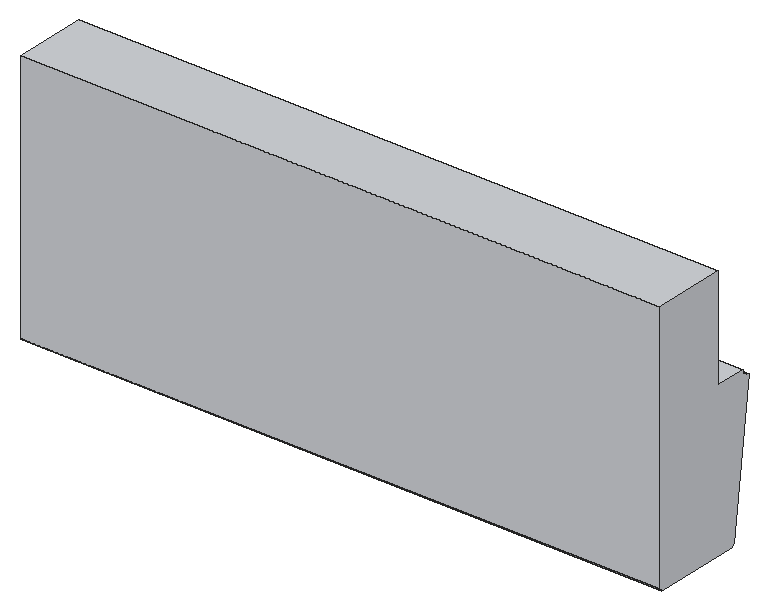
Revit family "KBE d=600_Precast-Console Beam_Spæncom", category Structural Framing, Revit 2014
Parameters (values of type "KBE 100/40")
  Structural Material [instance] = none
  Model = "KBE 100/40"
  Manufacturer = "Spæncom"
  Length [instance] = 3000 mm
  Height element = 1000 mm
  Height (bjælkekroppen) = 400 mm
  Width (bjælkekroppen) = 285 mm  # constant formula
  Height console = 600 mm  # constant formula
  Width console = 150 mm  # constant formula
  Base width = 360 mm  # constant formula
Types (10, lengths in mm): name | Model | Height (bjælkekroppen)
  (no name) | "KBE 100/40" | 400
  KBE 100/40 | "KBE 100/40" | 400
  KBE 110/50 | "KBE 110/50" | 500
  KBE 120/60 | "KBE 120/60" | 600
  KBE 78/18 | "KBE 78/18" | 180
  KBE 82/22 | "KBE 82/22" | 220
  KBE 87/27 | "KBE 87/27" | 270
  KBE 90/30 | "KBE 90/30" | 300
  KBE 92/32 | "KBE 92/32" | 320
  KBE 97/37 | "KBE 97/37" | 370
Reference planes
  plane 1 "Center (Front/Back)": y = 0
  plane 2 "Center Elevation": z = 0
  plane 3 "Center (Left/Right)": x = 0
  plane 4 "Left": x = -1500
  plane 5 "Member Left": x = -1250
  plane 6 "Stick Symbol Left": x = -1000
  plane 7 "Right": x = 1500
  plane 8 "Member Right": x = 1250
  plane 9 "Stick Symbol Right": x = 1000
  plane 10: through (0, 251.875, 575) normal (0, -0.9923, 0.124)
  plane 11: z = 600
  plane 12: through (0, 251.875, 575) normal (0, -0.9923, 0.124)
  plane 13: z = 600
Forms (mm)
  Extrusion 1, solid, material <- "Structural Material"
    sketch origin (-1500, 0, 0) x (0, -1, 0) y (0, 0, 1)
      loop
        line (180, 1000) -> (-105, 1000) -> (-105, 600) -> (-225, 600) -> (-225, 590) -> (-251.875, 575) -> (-181.239, 9.912) -> (-170, 0) -> (170, 0) -> (180, 10) -> (180, 1000)
    from -2750 to -250
Dimensions and locks
  equal spacing: plane 4 "Left", plane 3 "Center (Left/Right)", plane 7 "Right"
  "Length": plane 4 "Left" to plane 7 "Right"
  "Height console": plane 11 to plane 2 "Center Elevation"
  "Height (bjælkekroppen)": plane 11 to Extrusion 1
  "Width (bjælkekroppen)": Extrusion 1 to Extrusion 1
  "Base width": plane 10 to Extrusion 1
  "Width console": plane 11 to Extrusion 1
  "Height element": Extrusion 1 to level
  "Width console": plane 11 to Extrusion 1 sketch curve
  locked: plane 11 to Extrusion 1 sketch curve at 30
  aligned and locked: level to plane 2 "Center Elevation"
  aligned and locked: Extrusion 1 to plane 8 "Member Right"
  aligned and locked: plane 5 "Member Left" to Extrusion 1
  aligned and locked: Extrusion 1 to plane 10
  aligned and locked: Extrusion 1 to plane 11
  aligned and locked: Extrusion 1 to level
  aligned and locked: Extrusion 1 sketch curve to plane 10
  aligned and locked: Extrusion 1 sketch curve to plane 11
  aligned and locked: Extrusion 1 sketch curve to level
Automatic sketch dimensions
  Extrusion 1 sketch curve to plane 1 "Center (Front/Back)" = 170 mm
  level to Extrusion 1 sketch curve = 9.912 mm
  plane 1 "Center (Front/Back)" to Extrusion 1 sketch curve = 170 mm
  Extrusion 1 sketch curve to Extrusion 1 sketch curve = 10 mm
  level to Extrusion 1 sketch curve = 10 mm
  Extrusion 1 sketch curve to Extrusion 1 sketch curve = 400 mm
  plane 11 to Extrusion 1 sketch curve = 10 mm
  plane 11 to Extrusion 1 sketch curve = 25 mm
